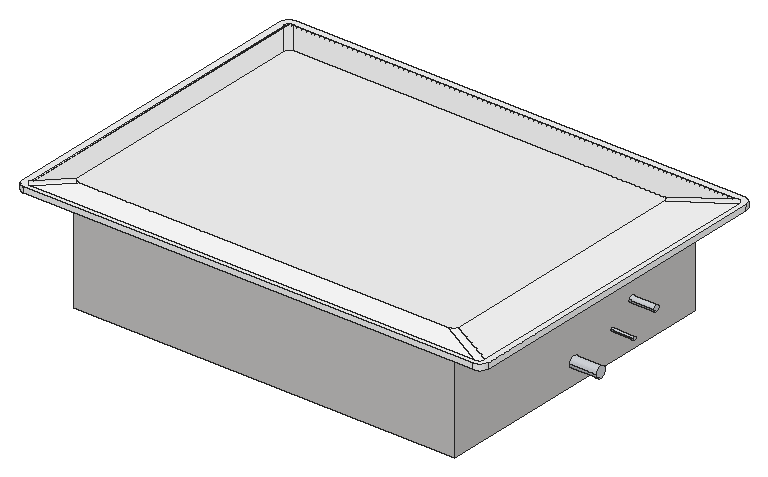
Revit family "Indoor_Unit-VRF-Ductless-JCI-1_Way_Cassette-0.5_1.3Ton-208_230V", category Mechanical Equipment, host Face, Revit 2013
Parameters (values of type "0.5 Ton - 208V /1PH 60Hz")
  Width = 35 7/16"
  Voltage = 208 V
  URL = "http://www.johnsoncontrols.com"
  Type Comments = "0.5 Ton Indoor Unit"
  Sound Pressure Level = "34 dB"
  Show Clearance [instance] = no
  Refrigerant Used = "R410A"  # constant formula
  Refrigerant Charge = 0.00 lbf
  Product Page URL = "http://www.johnsoncontrols.com/content/us/en/products/building_efficiency/products-and-systems/integrated_hvac_systems/Industrial___Commercial_HVAC_Equipment/Variable_Refrigerant_Flow_Systems_.html"
  Product Documentation Link = "http://www.johnsoncontrols.com/content/dam/WWW/jci/be/integrated_hvac_systems/hvac_equipment/variable_refrigerant/Catalog%202015%20VRF%20catalog_012115_D_FNL.pdf"
  Power Factor = 1
  Phase = 1
  Nominal Heating Capacity = 6700.0 Btu/h
  Nominal Cooling Capacity = 6000.0 Btu/h
  Net Weight = 55.00 lbf
  Model = "YIC1006B21S"
  Minimum Circuit Ampacity = 0.3 A
  Manufacturer = "Johnson Controls Inc."  # constant formula
  Liquid Line Radius = Liquid Connection Diameter / 2  # 1/8"
  Liquid Connection Diameter = 1/4"
  Height = 9 1/4"
  Heating Nominal Input Power = 20 VA
  Gross Weight = Net Weight + 10.00 lbf  # 65.00 lbf
  Gas Line Radius = Gas Connection Diameter / 2  # 1/4"
  Gas Connection Diameter = 1/2"
  Full Load Current = 0 A
  Frequency = 60 Hz  # constant formula
  Frame Finish = Metal - JCI - Steel - Galvanized - 18ga
  Facing Finish = Metal - JCI - Aluminum - Powder Coated - Pearl White
  Drain Pipe Radius = Drain Connection Size / 2  # 31/64"
  Drain Connection Size = 31/32"
  Description = "VRF Indoor 1-Way-Cassette"  # constant formula
  Depth = 27 15/16"
  Default Elevation = 94 1/2"
  Copyright © = "2015 Johnson Controls Inc."  # constant formula
  Cooling Nominal Input Power = 30 VA
  Clearance Offset Top [instance] = 13/32"
  Clearance Offset Right [instance] = 9 11/16"
  Clearance Offset Left [instance] = 9 11/16"
  Clearance Offset Front [instance] = 3 15/16"
  Clearance Offset Bottom [instance] = 94 1/2"
  Clearance Offset Back [instance] = 3 15/16"
  CTRL Ceiling Opening = Width + 1 25/64" + 1 25/64"  # 38 7/32"
  Assembly Code = "D3040100"
  Apparent Load = 0 VA
  Air Flow Rate = 0 CFM
Reference planes (in)
  plane 1 "Center (Front/Back)": y = 0
  plane 2 "Original Bottom": z = 0
  plane 3 "Center (Left/Right)": x = 0
  plane 4 "Back": y = 13.96875
  plane 5 "Front": y = -13.96875
  plane 6 "Left": x = -17.71875
  plane 7 "Right": x = 17.71875
  plane 8 "Ceiling Opening Right": x = 20.875
  plane 9 "Ceiling Opening Left": x = -20.875
  plane 10 "Ceiling Opening Back": y = 14.96875
  plane 11 "Ceiling Opening Front": y = -14.96875
  plane 12 "Face Panel Right": x = 21.65625
  plane 13 "Face Panel Left": x = -21.65625
  plane 14 "Face Panel Back": y = 15.75
  plane 15 "Face Panel Front": y = -15.75
  plane 16 "Frame Bottom": z = -9.25
  plane 17 "Frame Top": z = 0
  plane 18 "Panel Face": z = 1.375
  plane 19 "Top Offset": z = 0.5
  plane 20 "Pipe Host Face": y = 10.65625
  plane 21 "Gas Pipe Right": x = 20.09375
  plane 22 "Liquid Pipe Right": x = 19.875
  plane 23 "Drain Pipe Right": x = 20.3125
  plane 24 "Panel Slope L": x = -17.71875
  plane 25 "Panel Slope R": x = 17.71875
  plane 26 "Panel Slope F": y = -13.96875
  plane 27 "Panel Slope B": y = 10.96875
  plane 28 "Air Inlet F": y = -13.46875
  plane 29 "Air Inlet B": y = -1.40625
  plane 30 "Air Outlet R": x = 16.96875
  plane 31 "Air Outlet L": x = -16.96875
  plane 32 "Gas Pipe F/B": y = 6.5
  plane 33 "Liquid Pipe F/B": y = 4.25
  plane 34 "Drain Pipe F/B": y = -0.21875
  plane 35 "Drain Pipe Height": z = -7.25
  plane 36 "Liquid Pipe Height": z = -6.53125
  plane 37 "Gas Pipe Height": z = -4.96875
  plane 38 "Clearance Back": y = 17.90625
  plane 39 "Clearance Front": y = -17.90625
  plane 40 "Clearance Right": x = 27.40625
  plane 41 "Clearance Left": x = -27.40625
  plane 42 "Clearance Top": z = 94.5
  plane 43 "Clearance Bottom": z = -9.65625
Forms (in)
  Extrusion 1, solid, material "Metal - JCI - Steel - Galvanized - 18ga" <- "Frame Finish"
    sketch origin (0, 0, 0) x (1, 0, 0) y (0, 1, 0)
      loop
        line (-17.71875, 13.96875) -> (-17.71875, -13.96875) -> (17.71875, -13.96875) -> (17.71875, 13.96875) -> (-17.71875, 13.96875)
    from -9.25 to 0
  Sweep 2, void
    path origin (0, 0, 0) x (1, 0, 0) y (0, 0, 1)
      loop
        line (0, 1.375) -> (0, -9.25)
    profile origin (0, 0, -3.9375) x (0, -1, 0) y (1, 0, 0)
      loop
        line (-14.96875, -20.875) -> (14.96875, -20.875) -> (14.96875, 20.875) -> (-14.96875, 20.875) -> (-14.96875, -20.875)
  Sweep 3, solid, material "Metal - JCI - Aluminum - Powder Coated - Pearl White" <- "Facing Finish"
    path origin (0, 0, 0) x (1, 0, 0) y (0, 1, 0)
      loop
        arc (-20.875, 15.75) -> (-21.42743, 15.52118) -> (-21.65625, 14.96875) r 0.78125
        line (-21.65625, 14.96875) -> (-21.65625, -14.96875)
        arc (-21.65625, -14.96875) -> (-21.42743, -15.52118) -> (-20.875, -15.75) r 0.78125
        line (-20.875, -15.75) -> (20.875, -15.75)
        arc (20.875, -15.75) -> (21.42743, -15.52118) -> (21.65625, -14.96875) r 0.78125
        line (21.65625, -14.96875) -> (21.65625, 14.96875)
        arc (21.65625, 14.96875) -> (21.42743, 15.52118) -> (20.875, 15.75) r 0.78125
        line (20.875, 15.75) -> (-20.875, 15.75)
    profile origin (0, 15.75, 0) x (0, 1, 0) y (0, 0, 1)
      loop
        line (0, 0) -> (0, 0.5) -> (-0.75, 0.5) -> (-0.75, 0) -> (0, 0)
  SweptBlend 4, solid, material "Metal - JCI - Aluminum - Powder Coated - Pearl White" <- "Facing Finish"
    path origin (0, 0, 0) x (1, 0, 0) y (0, 0, 1)
      loop
        line (0, 0.5) -> (0, 1.375)
    profile origin (0, 0, 0.5) x (-1, 0, 0) y (0, -1, 0)
      loop
        arc (20.65625, -15.25) -> (21.0098, -15.10355) -> (21.15625, -14.75) r 0.5
        line (21.15625, -14.75) -> (21.15625, 14.75)
        arc (21.15625, 14.75) -> (21.0098, 15.10355) -> (20.65625, 15.25) r 0.5
        line (20.65625, 15.25) -> (-20.65625, 15.25)
        arc (-20.65625, 15.25) -> (-21.0098, 15.10355) -> (-21.15625, 14.75) r 0.5
        line (-21.15625, 14.75) -> (-21.15625, -14.75)
        arc (-21.15625, -14.75) -> (-21.0098, -15.10355) -> (-20.65625, -15.25) r 0.5
        line (-20.65625, -15.25) -> (20.65625, -15.25)
    end profile origin (0, 0, 1.375) x (-1, 0, 0) y (0, -1, 0)
      loop
        arc (-17.21875, 13.96875) -> (-17.5723, 13.8223) -> (-17.71875, 13.46875) r 0.5
        line (-17.71875, 13.46875) -> (-17.71875, -10.46875)
        arc (-17.71875, -10.46875) -> (-17.5723, -10.8223) -> (-17.21875, -10.96875) r 0.5
        line (-17.21875, -10.96875) -> (17.21875, -10.96875)
        arc (17.21875, -10.96875) -> (17.5723, -10.8223) -> (17.71875, -10.46875) r 0.5
        line (17.71875, -10.46875) -> (17.71875, 13.46875)
        arc (17.71875, 13.46875) -> (17.5723, 13.8223) -> (17.21875, 13.96875) r 0.5
        line (17.21875, 13.96875) -> (-17.21875, 13.96875)
  Sweep 5, solid
    path origin (0, 0, -4.96875) x (-1, 0, 0) y (0, -1, 0)
      loop
        line (-17.71875, -6.5) -> (-20.09375, -6.5)
    profile origin (18.90625, 6.5, -4.96875) x (0, 1, 0) y (0, 0, 1)
      loop
        circle (0, 0) r 0.25
  Sweep 6, solid
    path origin (0, 0, -6.53125) x (-1, 0, 0) y (0, -1, 0)
      loop
        line (-17.71875, -4.25) -> (-19.875, -4.25)
    profile origin (18.79688, 4.25, -6.53125) x (0, 1, 0) y (0, 0, 1)
      loop
        circle (0, 0) r 0.125
  Sweep 7, solid
    path origin (0, 0, -7.25) x (-1, 0, 0) y (0, -1, 0)
      loop
        line (-17.71875, 0.21875) -> (-20.3125, 0.21875)
    profile origin (19.01563, -0.21875, -7.25) x (0, 1, 0) y (0, 0, 1)
      loop
        circle (0, 0) r 0.48438
  Extrusion 8, solid, material "Clearance", visible <- "Show Clearance"
    sketch origin (0.77142, -0.03631, 0) x (-1, 0, 0) y (0, -1, 0)
      loop
        line (28.17767, -17.94256) -> (28.17767, 17.86994) -> (-26.63483, 17.86994) -> (-26.63483, -17.94256) -> (28.17767, -17.94256)
    from -9.65625 to 94.5
Lines and regions (in)
  Split face 1
    outline origin (0, 15.25, 0.5) x (-1, 0, 0) y (0, -0.979747, 0.20024)
      loop
        line (-16.21875, 4.28502) -> (-16.21875, 2.14394) -> (16.21875, 2.14394) -> (16.21875, 4.28502) -> (-16.21875, 4.28502)
  Split face 2
    outline origin (0, -1.5, 1.375) x (1, 0, 0) y (0, 1, 0)
      loop
        line (-16.96875, -11.96875) -> (16.96875, -11.96875) -> (16.96875, 0.09375) -> (-16.96875, 0.09375) -> (-16.96875, -11.96875)
  Masking region 1
    outline origin (0, 0, 0.5) x (-1, 0, 0) y (0, -1, 0)
      loop
        line (21.65625, -15.75) -> (21.65625, 15.75) -> (-21.65625, 15.75) -> (-21.65625, -15.75) -> (21.65625, -15.75)
  Masking region 2
    outline origin (0, 0, -9.25) x (-1, 0, 0) y (0, -1, 0)
      loop
        line (17.71875, -13.96875) -> (17.71875, 13.96875) -> (-17.71875, 13.96875) -> (-17.71875, -13.96875) -> (17.71875, -13.96875)
  Masking region 3
    outline origin (0, 0, -4.96875) x (-1, 0, 0) y (0, -1, 0)
      loop
        line (-17.71875, -13.96875) -> (17.71875, -13.96875) -> (17.71875, 13.96875) -> (-17.71875, 13.96875) -> (-17.71875, -13.96875)
  symbolic lines, detail levels medium+fine
    curve 1: line (-17.71875, 10.46875, 1.375) -> (-17.71875, -13.46875, 1.375)
    curve 2: arc (-17.71875, -13.46875, 1.375) -> (-17.5723, -13.8223, 1.375) -> (-17.21875, -13.96875, 1.375) r 0.5
    curve 3: line (-17.21875, -13.96875, 1.375) -> (17.21875, -13.96875, 1.375)
    curve 4: arc (17.21875, -13.96875, 1.375) -> (17.5723, -13.8223, 1.375) -> (17.71875, -13.46875, 1.375) r 0.5
    curve 5: line (17.71875, -13.46875, 1.375) -> (17.71875, 10.46875, 1.375)
    curve 6: arc (17.71875, 10.46875, 1.375) -> (17.5723, 10.8223, 1.375) -> (17.21875, 10.96875, 1.375) r 0.5
    curve 7: line (17.21875, 10.96875, 1.375) -> (-17.21875, 10.96875, 1.375)
    curve 8: arc (-17.21875, 10.96875, 1.375) -> (-17.5723, 10.8223, 1.375) -> (-17.71875, 10.46875, 1.375) r 0.5
  symbolic lines, detail levels fine
    curve 9: line (-16.96875, -1.40625, 1.375) -> (16.96875, -1.40625, 1.375)
    curve 10: line (-16.96875, -13.46875, 1.375) -> (-16.96875, -1.40625, 1.375)
    curve 11: line (16.96875, -13.46875, 1.375) -> (-16.96875, -13.46875, 1.375)
    curve 12: line (16.96875, -1.40625, 1.375) -> (16.96875, -13.46875, 1.375)
    curve 13: line (-16.21875, 11.05177, 1.375) -> (16.21875, 11.05177, 1.375)
    curve 14: line (16.21875, 11.05177, 1.375) -> (16.21875, 13.14948, 1.375)
    curve 15: line (16.21875, 13.14948, 1.375) -> (-16.21875, 13.14948, 1.375)
    curve 16: line (-16.21875, 13.14948, 1.375) -> (-16.21875, 11.05177, 1.375)
  model lines, style "Clearance", visible <- "Show Clearance"
    curve 17: line (27.40625, -17.90625, 94.5) -> (-27.40625, -17.90625, 94.5)
    curve 18: line (-27.40625, -17.90625, 94.5) -> (-27.40625, -17.90625, -9.65625)
    curve 19: line (-27.40625, -17.90625, -9.65625) -> (27.40625, -17.90625, -9.65625)
    curve 20: line (27.40625, -17.90625, -9.65625) -> (27.40625, -17.90625, 94.5)
    curve 21: line (-27.40625, 17.90625, 94.5) -> (27.40625, 17.90625, 94.5)
    curve 22: line (27.40625, 17.90625, 94.5) -> (27.40625, 17.90625, -9.65625)
    curve 23: line (27.40625, 17.90625, -9.65625) -> (-27.40625, 17.90625, -9.65625)
    curve 24: line (-27.40625, 17.90625, -9.65625) -> (-27.40625, 17.90625, 94.5)
    curve 25: line (-27.40625, -17.90625, 94.5) -> (-27.40625, 17.90625, 94.5)
    curve 26: line (-27.40625, 17.90625, -9.65625) -> (-27.40625, -17.90625, -9.65625)
    curve 27: line (27.40625, -17.90625, -9.65625) -> (27.40625, 17.90625, -9.65625)
    curve 28: line (27.40625, 17.90625, 94.5) -> (27.40625, -17.90625, 94.5)
Dimensions and locks (in)
  equal spacing: plane 6 "Left", plane 3 "Center (Left/Right)", plane 7 "Right"
  "Width": plane 6 "Left" to plane 7 "Right"
  equal spacing: plane 4 "Back", plane 1 "Center (Front/Back)", plane 5 "Front"
  "Depth": plane 5 "Front" to plane 4 "Back"
  locked: plane 13 "Face Panel Left" to plane 9 "Ceiling Opening Left" at 0.78125
  locked: plane 8 "Ceiling Opening Right" to plane 12 "Face Panel Right" at 0.78125
  equal spacing: plane 9 "Ceiling Opening Left", plane 3 "Center (Left/Right)", plane 8 "Ceiling Opening Right"
  locked: plane 15 "Face Panel Front" to plane 11 "Ceiling Opening Front" at 0.78125
  locked: plane 14 "Face Panel Back" to plane 10 "Ceiling Opening Back" at 0.78125
  equal spacing: plane 10 "Ceiling Opening Back", plane 1 "Center (Front/Back)", plane 11 "Ceiling Opening Front"
  "Height": plane 17 "Frame Top" to plane 16 "Frame Bottom"
  locked: plane 18 "Panel Face" to plane 17 "Frame Top" at 1.375
  locked: plane 19 "Top Offset" to plane 17 "Frame Top" at 0.5
  locked: plane 4 "Back" to plane 20 "Pipe Host Face" at 3.3125
  locked: plane 25 "Panel Slope R" to plane 7 "Right"
  locked: plane 6 "Left" to plane 24 "Panel Slope L"
  locked: plane 4 "Back" to plane 27 "Panel Slope B" at 3
  locked: plane 10 "Ceiling Opening Back" to Sweep 3 sketch curve at 0.03125
  locked: plane 14 "Face Panel Back" to SweptBlend 4 sketch curve at 0.5
  locked: SweptBlend 4 sketch curve to plane 12 "Face Panel Right" at 0.5
  locked: plane 13 "Face Panel Left" to SweptBlend 4 sketch curve at 0.5
  locked: plane 15 "Face Panel Front" to SweptBlend 4 sketch curve at 0.5
  locked: SweptBlend 4 sketch curve to SweptBlend 4 sketch curve at 0.70711  (x8)
  locked: plane 30 "Air Outlet R" to plane 12 "Face Panel Right" at 4.6875
  equal spacing: plane 31 "Air Outlet L", plane 3 "Center (Left/Right)", plane 30 "Air Outlet R"
  locked: plane 17 "Frame Top" to plane 2 "Original Bottom"
  locked: plane 17 "Frame Top" to plane 37 "Gas Pipe Height" at 4.96875
  locked: plane 17 "Frame Top" to plane 36 "Liquid Pipe Height" at 6.53125
  locked: plane 17 "Frame Top" to plane 35 "Drain Pipe Height" at 7.25
  "Clearance Offset Top": plane 16 "Frame Bottom" to plane 43 "Clearance Bottom"
  "Clearance Offset Back": plane 38 "Clearance Back" to plane 4 "Back"
  "Clearance Offset Front": plane 39 "Clearance Front" to plane 5 "Front"
  "Clearance Offset Left": plane 41 "Clearance Left" to plane 6 "Left"
  "Clearance Offset Right": plane 7 "Right" to plane 40 "Clearance Right"
  "Clearance Offset Bottom": plane 42 "Clearance Top" to plane 17 "Frame Top"
  locked: plane 4 "Back" to plane 33 "Liquid Pipe F/B" at 9.71875
  locked: plane 4 "Back" to plane 34 "Drain Pipe F/B" at 14.1875
  locked: plane 4 "Back" to plane 32 "Gas Pipe F/B" at 7.46875
  locked: plane 7 "Right" to plane 23 "Drain Pipe Right" at 2.59375
  locked: plane 7 "Right" to plane 22 "Liquid Pipe Right" at 2.15625
  locked: plane 7 "Right" to plane 21 "Gas Pipe Right" at 2.375
  locked: plane 14 "Face Panel Back" to plane 4 "Back" at 1.78125
  locked: plane 7 "Right" to plane 12 "Face Panel Right" at 3.9375
  locked: plane 15 "Face Panel Front" to plane 26 "Panel Slope F" at 1.78125
  locked: plane 28 "Air Inlet F" to plane 29 "Air Inlet B" at 12.0625
  locked: plane 26 "Panel Slope F" to plane 28 "Air Inlet F" at 0.5
  locked: plane 31 "Air Outlet L" to Split face 1 sketch curve at 0.75
  locked: Split face 1 sketch curve to plane 30 "Air Outlet R" at 0.75
  "Gas Line Radius": radius of Sweep 5 sketch curve
  "Liquid Line Radius": radius of Sweep 6 sketch curve
  "Drain Pipe Radius": radius of Sweep 7 sketch curve
  aligned and locked: plane 2 "Original Bottom" to host face
  aligned and locked: level to host face
  aligned and locked: Extrusion 1 sketch curve to plane 4 "Back"
  aligned and locked: Extrusion 1 sketch curve to plane 7 "Right"
  aligned and locked: Extrusion 1 sketch curve to plane 5 "Front"
  aligned and locked: Extrusion 1 sketch curve to plane 6 "Left"
  aligned and locked: Extrusion 1 to plane 16 "Frame Bottom"
  aligned and locked: plane 17 "Frame Top" to Extrusion 1
  aligned and locked: Sweep 2 sketch curve to plane 3 "Center (Left/Right)"
  aligned and locked: plane 18 "Panel Face" to Sweep 2 sketch curve
  aligned and locked: plane 16 "Frame Bottom" to Sweep 2 sketch curve
  aligned and locked: Sweep 2 sketch curve to plane 10 "Ceiling Opening Back"
  aligned and locked: Sweep 2 sketch curve to plane 8 "Ceiling Opening Right"
  aligned and locked: Sweep 2 sketch curve to plane 11 "Ceiling Opening Front"
  aligned and locked: Sweep 2 sketch curve to plane 9 "Ceiling Opening Left"
  aligned and locked: plane 3 "Center (Left/Right)" to SweptBlend 4 sketch curve
  aligned and locked: plane 18 "Panel Face" to SweptBlend 4 sketch curve
  aligned and locked: plane 19 "Top Offset" to SweptBlend 4 sketch curve
  aligned and locked: Sweep 3 sketch curve to plane 12 "Face Panel Right"
  aligned and locked: Sweep 3 sketch curve to plane 15 "Face Panel Front"
  aligned and locked: Sweep 3 sketch curve to plane 13 "Face Panel Left"
  aligned and locked: Sweep 3 sketch curve to plane 14 "Face Panel Back"
  aligned and locked: plane 14 "Face Panel Back" to Sweep 3 sketch curve
  aligned and locked: plane 17 "Frame Top" to Sweep 3 sketch curve
  aligned and locked: plane 19 "Top Offset" to Sweep 3 sketch curve
  aligned and locked: plane 8 "Ceiling Opening Right" to Sweep 3 sketch curve  (x2)
  aligned and locked: plane 10 "Ceiling Opening Back" to Sweep 3 sketch curve  (x2)
  aligned and locked: plane 9 "Ceiling Opening Left" to Sweep 3 sketch curve  (x2)
  aligned and locked: plane 11 "Ceiling Opening Front" to Sweep 3 sketch curve  (x2)
  aligned and locked: SweptBlend 4 sketch curve to plane 24 "Panel Slope L"
  aligned and locked: SweptBlend 4 sketch curve to plane 27 "Panel Slope B"
  aligned and locked: SweptBlend 4 sketch curve to plane 25 "Panel Slope R"
  aligned and locked: SweptBlend 4 sketch curve to plane 26 "Panel Slope F"
  aligned and locked: plane 32 "Gas Pipe F/B" to Sweep 5 sketch curve  (x2)
  aligned and locked: plane 37 "Gas Pipe Height" to Sweep 5 sketch curve
  aligned and locked: plane 33 "Liquid Pipe F/B" to Sweep 6 sketch curve  (x2)
  aligned and locked: plane 36 "Liquid Pipe Height" to Sweep 6 sketch curve
  aligned and locked: plane 34 "Drain Pipe F/B" to Sweep 7 sketch curve  (x2)
  aligned and locked: plane 35 "Drain Pipe Height" to Sweep 7 sketch curve
  aligned and locked: plane 29 "Air Inlet B" to Split face 2 sketch curve
  aligned and locked: Split face 2 sketch curve to plane 31 "Air Outlet L"
  aligned and locked: Split face 2 sketch curve to plane 30 "Air Outlet R"
  aligned and locked: plane 28 "Air Inlet F" to Split face 2 sketch curve
  aligned and locked: plane 41 "Clearance Left" to Extrusion 8
  aligned and locked: plane 40 "Clearance Right" to Extrusion 8
  aligned and locked: Extrusion 8 to plane 39 "Clearance Front"
  aligned and locked: plane 38 "Clearance Back" to Extrusion 8
  aligned and locked: plane 42 "Clearance Top" to Extrusion 8
  aligned and locked: Extrusion 8 to plane 43 "Clearance Bottom"
  aligned and locked: Masking region 1 sketch curve to plane 14 "Face Panel Back"
  aligned and locked: Masking region 1 sketch curve to plane 13 "Face Panel Left"
  aligned and locked: Masking region 1 sketch curve to plane 15 "Face Panel Front"
  aligned and locked: Masking region 1 sketch curve to plane 12 "Face Panel Right"
  aligned and locked: curve 2 to SweptBlend 4
  aligned and locked: curve 4 to SweptBlend 4
  aligned and locked: curve 6 to SweptBlend 4
  aligned and locked: curve 8 to SweptBlend 4
  aligned and locked: plane 30 "Air Outlet R" to curve 12
  aligned and locked: curve 11 to plane 28 "Air Inlet F"
  aligned and locked: plane 31 "Air Outlet L" to curve 10
  aligned and locked: curve 9 to plane 29 "Air Inlet B"
  aligned and locked: Masking region 2 sketch curve to plane 4 "Back"
  aligned and locked: Masking region 2 sketch curve to plane 7 "Right"
  aligned and locked: Masking region 2 sketch curve to plane 5 "Front"
  aligned and locked: Masking region 2 sketch curve to plane 6 "Left"
  aligned and locked: Extrusion 1 to Masking region 3 sketch curve  (x4)
  aligned and locked: plane 21 "Gas Pipe Right" to Sweep 5 sketch curve
  aligned and locked: Sweep 5 sketch curve to plane 32 "Gas Pipe F/B"
  aligned and locked: plane 7 "Right" to Sweep 5 sketch curve
  aligned and locked: profile plane to plane 37 "Gas Pipe Height"
  aligned and locked: plane 7 "Right" to Sweep 6 sketch curve
  aligned and locked: Sweep 6 sketch curve to plane 33 "Liquid Pipe F/B"
  aligned and locked: plane 22 "Liquid Pipe Right" to Sweep 6 sketch curve
  aligned and locked: plane 7 "Right" to Sweep 7 sketch curve
  aligned and locked: plane 23 "Drain Pipe Right" to Sweep 7 sketch curve
  aligned and locked: Sweep 7 sketch curve to plane 34 "Drain Pipe F/B"
  aligned and locked: curve 13 to Split face 1
  aligned and locked: curve 16 to Split face 1
  aligned and locked: curve 15 to SweptBlend 4
  aligned and locked: curve 14 to Split face 1
  aligned and locked: curve 17 to Extrusion 8
  aligned and locked: curve 18 to Extrusion 8
  aligned and locked: curve 19 to Extrusion 8
  aligned and locked: curve 20 to Extrusion 8
  aligned and locked: curve 21 to Extrusion 8
  aligned and locked: curve 22 to Extrusion 8
  aligned and locked: curve 23 to Extrusion 8
  aligned and locked: curve 24 to Extrusion 8
  aligned and locked: curve 25 to Extrusion 8
  aligned and locked: curve 26 to Extrusion 8
  aligned and locked: curve 27 to Extrusion 8
  aligned and locked: curve 28 to Extrusion 8
Automatic sketch dimensions
  host sketch curve to host sketch curve = 96"  (x2)
  plane 38 "Clearance Back" to Extrusion 8 sketch curve = 0"
  Extrusion 8 sketch curve to plane 40 "Clearance Right" = 0"
  Extrusion 8 sketch curve to plane 39 "Clearance Front" = 0"
  Extrusion 8 sketch curve to plane 41 "Clearance Left" = 0"
  Masking region 2 sketch curve to plane 7 "Right" = 0"
  plane 5 "Front" to Masking region 2 sketch curve = 0"
  SweptBlend 4 to Split face 1 sketch curve = 2.14394"
  SweptBlend 4 to Split face 1 sketch curve = 0.08473"
  curve 25 to plane 38 "Clearance Back" = 0"
  curve 25 to plane 39 "Clearance Front" = 0"
  curve 26 to plane 38 "Clearance Back" = 0"
  curve 26 to plane 39 "Clearance Front" = 0"
  curve 27 to plane 38 "Clearance Back" = 0"
  curve 27 to plane 39 "Clearance Front" = 0"
  curve 28 to plane 38 "Clearance Back" = 0"
  curve 28 to plane 39 "Clearance Front" = 0"
Connectors (in)
  piping at (20.09375, 6.5, -4.96875), driven by "Gas Line Radius"
    settings: on Sweep 5, index 1, connector radius 1/4", flow factor 0, pipe flow 0 GPM, pressure drop 0.00 psi, fitting loss kfactor 0, connector angle 0.00°, fixture units 0, engagement length 0", flow configuration 0, flow direction 0, fitting loss method 0, system type 29, joint type 0, gender type 0, connector reference index -1, connector utility 0, adjustable connector no, is connector primary yes, fitting loss table "", connector description "Gass Connection"
  piping at (19.875, 4.25, -6.53125), driven by "Liquid Line Radius"
    settings: on Sweep 6, index 2, connector radius 1/8", flow factor 0, pipe flow 0 GPM, pressure drop 0.00 psi, fitting loss kfactor 0, connector angle 0.00°, fixture units 0, engagement length 0", flow configuration 0, flow direction 0, fitting loss method 0, system type 29, joint type 0, gender type 0, connector reference index -1, connector utility 0, adjustable connector no, is connector primary no, fitting loss table "", connector description "Liquid Pipe Connection"
  piping at (20.3125, -0.21875, -7.25), driven by "Drain Pipe Radius"
    settings: on Sweep 7, index 3, connector radius 31/64", flow factor 0, pipe flow 0 GPM, pressure drop 0.00 psi, fitting loss kfactor 0, connector angle 0.00°, fixture units 0, engagement length 0", flow configuration 1, flow direction 2, fitting loss method 0, system type 16, joint type 0, gender type 0, connector reference index -1, connector utility 0, adjustable connector no, is connector primary no, fitting loss table "", connector description "Drain Connection"
  electrical at (-14.09375, 10.65625, -4.625), driven by "Voltage", driven by "Apparent Load", driven by "Power Factor"
    settings: on Extrusion 1, index 4, voltage 208 V, apparent load 0 VA, apparent load phase1 0 VA, apparent load phase2 0 VA, apparent load phase3 0 VA, power factor 1, load classification "HVAC", number of poles 1, system type 30, power factor state 1, is connector primary yes, connector utility no, sub classification motor no, connector description "Electric Power Connection"
Types in the file's own list only (7): name | Voltage | Type Comments | Sound Pressure Level | Refrigerant Charge | Nominal Heating Capacity | Nominal Cooling Capacity | Net Weight | Model | Minimum Circuit Ampacity | Liquid Connection Diameter | Heating Nominal Input Power | Gross Weight | Gas Connection Diameter | Drain Pipe Radius | Drain Connection Size | Cooling Nominal Input Power | Air Flow Rate
  0.7 Ton - 208V /1PH 60Hz | 208 V | "0.7 Ton Unit - 208V" | "36 dB" | 0.00 lb | 9000.0 Btu/h | 8000.0 Btu/h | 55.00 lb | "YICS008B21S" | 0 A | 0" | 30 VA | 65.00 lb | 1" | 1/2" | 1" | 30 VA | 335 CFM
  1 Ton - 208V /1PH 60Hz | 208 V | "1 Ton Unit - 208V" | "40 dB" | 0.00 lb | 13500.0 Btu/h | 12000.0 Btu/h | 57.00 lb | "YICS012B21S" | 0 A | 0" | 50 VA | 67.00 lb | 1" | 1/2" | 1" | 50 VA | 459 CFM
  1.3 Ton - 208V /1PH 60Hz | 208 V | "1.3 Ton Unit - 208V" | "42 dB" | 0.00 lb | 17000.0 Btu/h | 15000.0 Btu/h | 57.00 lb | "YICS015B21S" | 1 A | 0" | 60 VA | 67.00 lb | 1" | 1/2" | 1" | 70 VA | 512 CFM
  0.5 Ton - 230V /1PH 60Hz | 230 V | "0.5 Ton Unit - 230V" | "34 dB" | 0.00 lb | 6700.0 Btu/h | 6000.0 Btu/h | 55.00 lb | "YICS006B21S" | 0 A | 0" | 20 VA | 65.00 lb | 1" | 1/2" | 1" | 30 VA | 300 CFM
  0.7 Ton - 230V /1PH 60Hz | 230 V | "0.7 Ton Unit - 230V" | "36 dB" | 0.00 lb | 9000.0 Btu/h | 8000.0 Btu/h | 55.00 lb | "YICS008B21S" | 0 A | 0" | 30 VA | 65.00 lb | 1" | 1/2" | 1" | 30 VA | 335 CFM
  1 Ton - 230V /1PH 60Hz | 230 V | "1 Ton Unit - 230V" | "40 dB" | 0.00 lb | 13500.0 Btu/h | 12000.0 Btu/h | 57.00 lb | "YICS012B21S" | 0 A | 0" | 50 VA | 67.00 lb | 1" | 1/2" | 1" | 50 VA | 459 CFM
  1.3 Ton - 230V /1PH 60Hz | 230 V | "1.3 Ton Unit - 230V" | "42 dB" | 0.00 lb | 17000.0 Btu/h | 15000.0 Btu/h | 57.00 lb | "YICS015B21S" | 1 A | 0" | 60 VA | 67.00 lb | 1" | 1/2" | 1" | 70 VA | 512 CFM
